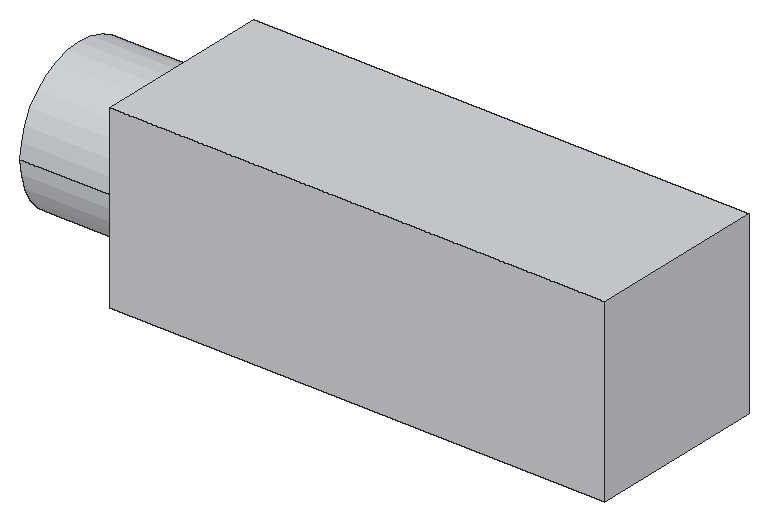
Revit family "M_Corpo do conduíte - Tipo E - Alumínio", category Conexões do conduite, Revit 2019
Family settings
  Cota do conector redondo = Usar raio
  Tipo de parte = Cobertura
  Número OmniClass = 23.80.30.17.11
  Título OmniClass = Conduits
  ID de item do Seek = Conduit Body - Type E - Aluminum-0000-CAN-ENU
  Com base no plano de trabalho = Não
  Sempre na vertical = Sim
  Corte com vazios quando carregada = Não
  Compartilhado = Não
Parameters (values of type "Padrão")
  Comprimento total [instance] = size_lookup(Pesquisa de tamanho de conduite, "TLgt", 3.65 * Diâmetro nominal + 68.858 mm, Diâmetro nominal)  # 111.125 mm
  Raio nominal [instance] = 8 mm
  Diâmetro nominal [instance] = Raio nominal * 2  # 16 mm
  Raio externo da conexão [instance] = Diâmetro externo da conexão * 0.5  # 13.716 mm
  Diâmetro externo da conexão [instance] = size_lookup(Pesquisa de tamanho de conduite, "FOD", 1.15 * Diâmetro nominal + 11.708 mm, Diâmetro nominal)  # 27.432 mm
  Pesquisa de tamanho de conduite = "M_Conduit Body - Type E - Aluminum"
  Comprimento do conduíte [instance] = size_lookup(Pesquisa de tamanho de conduite, "CLgt", 0.17 * Diâmetro nominal + 18.256 mm, Diâmetro nominal)  # 19.05 mm
  Largura do corpo do conduíte [instance] = size_lookup(Pesquisa de tamanho de conduite, "CBW", 1.31 * Diâmetro nominal + 16.272 mm, Diâmetro nominal)  # 33.338 mm
Reference planes
  plane 1 "Centro (Frente/Trás)": y = 0
  plane 2: z = 0
  plane 3 "Centro (Esquerda/Direita)": x = 0
  plane 4: y = 16.669
  plane 5: y = -16.669
  plane 6: z = 16.669
  plane 7: z = -16.669
  plane 8: x = 19.05
  plane 9: x = 111.125
Forms (mm)
  Extrusion 1, solid
    sketch origin (0, 0, 0) x (1, 0, 0) y (0, 1, 0)
      loop
        line (19.05, 16.669) -> (19.05, -16.669) -> (111.125, -16.669) -> (111.125, 16.669) -> (19.05, 16.669)
    from -16.669 to 16.669
  Extrusion 2, solid, detail levels fine
    sketch origin (0, 0, 0) x (0, 1, 0) y (0, 0, 1)
      loop
        circle (0, 0) r 13.716
    from 0 to 19.05
Lines and regions (mm)
  model lines, detail levels coarse+medium
    curve 1: line (0, 0, 0) -> (19.05, 0, 0)
Dimensions and locks
  equal spacing: plane 4, plane 1 "Centro (Frente/Trás)", plane 5
  "Largura do corpo do conduíte": plane 4 to plane 5
  equal spacing: plane 6, plane 2, plane 7
  "Largura do corpo do conduíte": plane 6 to plane 7
  "Comprimento do conduíte": plane 3 "Centro (Esquerda/Direita)" to plane 8
  "Comprimento total": plane 3 "Centro (Esquerda/Direita)" to plane 9
  "Raio externo da conexão": radius of Extrusion 2 sketch curve
  aligned and locked: plane 8 to Extrusion 1 sketch curve
  aligned and locked: Extrusion 1 sketch curve to plane 9
  aligned and locked: Extrusion 1 sketch curve to plane 4
  aligned and locked: plane 5 to Extrusion 1 sketch curve
  aligned and locked: Extrusion 1 to plane 7
  aligned and locked: plane 6 to Extrusion 1
  aligned and locked: plane 2 to Extrusion 2 sketch curve
  aligned and locked: plane 1 "Centro (Frente/Trás)" to Extrusion 2 sketch curve
  aligned and locked: Extrusion 2 to plane 3 "Centro (Esquerda/Direita)"
  aligned and locked: plane 8 to Extrusion 2
  aligned and locked: plane 3 "Centro (Esquerda/Direita)" to curve 1
  aligned and locked: plane 8 to curve 1
  aligned and locked: plane 1 "Centro (Frente/Trás)" to curve 1
Connectors
  cabletrayconduit at (0, 0, 0), diameter 16, driven by "Raio nominal"
    settings: on Extrusion 2, index 1, connector width 304.8 mm, connector height 304.8 mm, connector angle 0.00°, system type 32, placement type 0, profile type 0, connector reference index -1, is primary connector yes, connector utility param no, connector description ""
